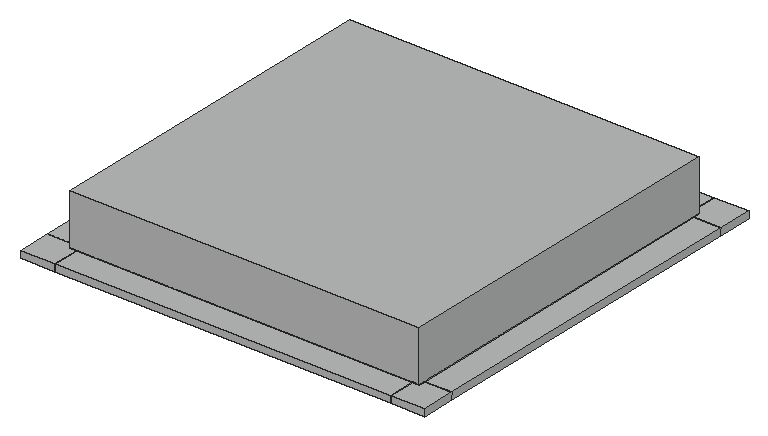
Revit family "ALUMOGIPS", category Осветительные приборы, Revit 2019 (continued)
Types (72, lengths in mm): name | Файл фотометрической сетки | built-in parameter 1150105 | Lumens | built-in parameter 1150106 | built-in parameter 1150142 | Wattage | Emit from Rectangle Width | Emit from Rectangle Length | Длина | Материал светильника | Ширина | ADSK_Ток | ADSK_Полная мощность | ADSK_Обозначение | ADSK_Номинальная мощность | ADSK_Наименование | ADSK_Масса | ADSK_Код изделия
    5 0.395 0.395 0.395 0.395 0.395 0.296 0.296 0.296 0.296 0.296 0.296 0.296 0.296 0.197 \r\n0.197 0.197 0.197 0.197 0.197 0.197 0.197 0.098 0.098 0.098 0.098 0.098 0.098 0.098 0.098 0.000 0.000 0.000 0.000 \r\n1417.637 1418.229 1415.861 1411.421 1404.415 1394.746 1382.512 1367.219 1349.656 1329.626 1307.821 1283.549 1257.403 1229.579 1199.782 1168.209 1135.155 1100.523 \r\n1064.708 1027.609 989.425 950.057 909.998 868.855 827.317 784.989 742.365 699.347 655.538 611.928 568.021 523.622 480.110 436.006 392.100 348.884 306.556 265.017 224.860 185.591 \r\n146.026 110.605 77.157 45.781 17.464 0.592 0.592 0.493 0.493 0.493 0.493 0.493 0.493 0.493 0.493 0.395 0.395 0.395 0.395 0.395 0.395 0.395 0.395 0.296 0.296 0.296 0.296 0.296 0.296 0.296 0.296 0.197 \r\n0.197 0.197 0.197 0.197 0.197 0.197 0.197 0.098 0.098 0.098 0.098 0.098 0.098 0.098 0.098 0.000 0.000 0.000 0.000 \r\n1417.637 1418.130 1415.762 1411.223 1404.218 1394.450 1382.216 1366.824 1349.261 1329.231 1307.427 1283.056 1256.910 1228.987 1199.190 1167.616 1134.563 1099.833 \r\n1064.016 1026.918 988.833 949.367 909.308 868.165 826.625 784.298 741.674 698.656 654.946 611.336 567.430 523.030 479.518 435.414 391.606 348.391 306.063 264.623 224.465 185.196 \r\n145.730 110.309 76.861 45.485 17.266 0.592 0.592 0.493 0.493 0.493 0.493 0.493 0.493 0.493 0.493 0.395 0.395 0.395 0.395 0.395 0.395 0.395 0.395 0.296 0.296 0.296 0.296 0.296 0.296 0.296 0.296 0.197 \r\n0.197 0.197 0.197 0.197 0.197 0.197 0.197 0.098 0.098 0.098 0.098 0.098 0.098 0.098 0.098 0.000 0.000 0.000 0.000 \r\n1417.637 1418.130 1415.565 1411.026 1403.922 1394.154 1381.919 1366.527 1348.866 1328.837 1306.933 1282.563 1256.416 1228.494 1198.597 1167.024 1133.873 1099.241 \r\n1063.425 1026.228 988.143 948.676 908.519 867.474 825.935 783.608 740.983 698.064 654.256 610.646 566.739 522.438 478.926 434.822 391.014 347.897 305.569 264.229 224.072 184.901 \r\n145.434 110.013 76.565 45.288 17.069 0.592 0.592 0.493 0.493 0.493 0.493 0.493 0.493 0.493 0.493 0.395 0.395 0.395 0.395 0.395 0.395 0.395 0.395 0.296 0.296 0.296 0.296 0.296 0.296 0.296 0.296 0.197 \r\n0.197 0.197 0.197 0.197 0.197 0.197 0.197 0.098 0.098 0.098 0.098 0.098 0.098 0.098 0.098 0.000 0.000 0.000 0.000 \r\n1417.637 1418.031 1415.466 1410.928 1403.725 1393.858 1381.524 1366.133 1348.472 1328.443 1306.440 1282.070 1255.824 1227.901 1198.006 1166.433 1133.280 1098.550 \r\n1062.735 1025.537 987.451 947.887 907.829 866.784 825.244 782.916 740.293 697.373 653.565 610.053 566.147 521.747 478.334 434.328 390.521 347.404 305.175 263.735 223.677 184.506 \r\n145.039 109.717 76.368 44.992 16.871 0.592 0.592 0.493 0.493 0.493 0.493 0.493 0.493 0.493 0.493 0.395 0.395 0.395 0.395 0.395 0.395 0.395 0.395 0.296 0.296 0.296 0.296 0.296 0.296 0.296 0.296 0.197 \r\n0.197 0.197 0.197 0.197 0.197 0.197 0.197 0.098 0.098 0.098 0.098 0.098 0.098 0.098 0.098 0.000 0.000 0.000 0.000 \r\n1417.637 1418.031 1415.368 1410.730 1403.527 1393.562 1381.229 1365.738 1348.077 1327.949 1306.045 1281.575 1255.331 1227.310 1197.414 1165.841 1132.689 1097.958 \r\n1062.043 1024.846 986.761 947.196 907.137 866.092 824.554 782.226 739.602 696.683 652.973 609.363 565.456 521.155 477.742 433.737 390.028 346.910 304.681 263.341 223.282 184.111 \r\n144.743 109.421 76.072 44.794 16.576 0.592 0.592 0.493 0.493 0.493 0.493 0.493 0.493 0.493 0.493 0.395 0.395 0.395 0.395 0.395 0.395 0.395 0.395 0.296 0.296 0.296 0.296 0.296 0.296 0.296 0.296 0.197 \r\n0.197 0.197 0.197 0.197 0.197 0.197 0.197 0.098 0.098 0.098 0.098 0.098 0.098 0.098 0.098 0.000 0.000 0.000 0.000 \r\n1417.637 1417.932 1415.268 1410.533 1403.232 1393.365 1380.933 1365.443 1347.682 1327.555 1305.552 1281.082 1254.837 1226.816 1196.821 1165.150 1131.998 1097.267 \r\n1061.452 1024.254 986.070 946.506 906.447 865.401 823.863 781.535 738.912 695.991 652.282 608.672 564.864 520.563 477.150 433.145 389.436 346.417 304.287 262.946 222.887 183.815 \r\n144.448 109.125 75.874 44.597 16.378 0.592 0.592 0.493 0.493 0.493 0.493 0.493 0.493 0.493 0.493 0.395 0.395 0.395 0.395 0.395 0.395 0.395 0.395 0.296 0.296 0.296 0.296 0.296 0.296 0.296 0.296 0.197 \r\n0.197 0.197 0.197 0.197 0.197 0.197 0.197 0.098 0.098 0.098 0.098 0.098 0.098 0.098 0.098 0.000 0.000 0.000 0.000 \r\n1417.637 1417.932 1415.170 1410.434 1403.034 1393.069 1380.636 1365.048 1347.287 1327.160 1305.157 1280.589 1254.344 1226.225 1196.230 1164.558 1131.406 1096.675 \r\n1060.761 1023.564 985.380 945.815 905.756 864.613 823.173 780.845 738.221 695.301 651.592 608.080 564.174 519.971 476.558 432.652 388.943 345.924 303.794 262.453 222.492 183.420 \r\n144.151 108.829 75.579 44.301 16.181 0.592 0.592 0.493 0.493 0.493 0.493 0.493 0.493 0.493 0.493 0.395 0.395 0.395 0.395 0.395 0.395 0.395 0.395 0.296 0.296 0.296 0.296 0.296 0.296 0.296 0.296 0.197 \r\n0.197 0.197 0.197 0.197 0.197 0.197 0.197 0.098 0.098 0.098 0.098 0.098 0.098 0.098 0.098 0.000 0.000 0.000 0.000 \r\n1417.637 1417.834 1415.071 1410.237 1402.837 1392.772 1380.243 1364.653 1346.892 1326.765 1304.664 1280.096 1253.752 1225.730 1195.638 1163.965 1130.814 1095.984 \r\n1060.071 1022.873 984.689 945.124 905.066 863.922 822.482 780.154 737.531 694.610 651.000 607.390 563.581 519.379 475.966 432.059 388.350 345.431 303.300 262.058 222.098 183.026 \r\n143.757 108.533 75.282 44.104 15.983 0.592 0.592 0.493 0.493 0.493 0.493 0.493 0.493 0.493 0.493 0.395 0.395 0.395 0.395 0.395 0.395 0.395 0.395 0.296 0.296 0.296 0.296 0.296 0.296 0.296 0.296 0.197 \r\n0.197 0.197 0.197 0.197 0.197 0.197 0.197 0.098 0.098 0.098 0.098 0.098 0.098 0.098 0.098 0.000 0.000 0.000 0.000 \r\n1417.637 1417.834 1414.973 1410.138 1402.541 1392.477 1379.946 1364.258 1346.499 1326.272 1304.171 1279.603 1253.259 1225.139 1195.045 1163.374 1130.123 1095.393 \r\n1059.478 1022.183 983.999 944.433 904.375 863.231 821.792 779.464 736.840 693.920 650.309 606.699 562.891 518.787 475.374 431.566 387.857 344.937 302.906 261.663 221.703 182.730 \r\n143.461 108.237 75.085 43.906 15.688 0.592 0.592 0.493 0.493 0.493 0.493 0.493 0.493 0.493 0.493 0.395 0.395 0.395 0.395 0.395 0.395 0.395 0.395 0.296 0.296 0.296 0.296 0.296 0.296 0.296 0.296 0.197 \r\n0.197 0.197 0.197 0.197 0.197 0.197 0.197 0.098 0.098 0.098 0.098 0.098 0.098 0.098 0.098 0.000 0.000 0.000 0.000 \r\n1417.637 1417.736 1414.874 1409.940 1402.344 1392.181 1379.650 1363.962 1346.104 1325.877 1303.776 1279.109 1252.766 1224.547 1194.454 1162.782 1129.531 1094.702 \r\n1058.788 1021.492 983.308 943.742 903.684 862.540 821.100 778.773 736.148 693.327 649.618 606.107 562.298 518.096 474.782 430.974 387.364 344.444 302.412 261.170 221.308 182.335 \r\n143.165 108.040 74.789 43.611 15.490 0.592 0.592 0.493 0.493 0.493 0.493 0.493 0.493 0.493 0.493 0.395 0.395 0.395 0.395 0.395 0.395 0.395 0.395 0.296 0.296 0.296 0.296 0.296 0.296 0.296 0.296 0.197 \r\n0.197 0.197 0.197 0.197 0.197 0.197 0.197 0.098 0.098 0.098 0.098 0.098 0.098 0.098 0.098 0.000 0.000 0.000 0.000 \r\n1417.637 1417.736 1414.775 1409.743 1402.146 1391.984 1379.355 1363.568 1345.709 1325.482 1303.283 1278.616 1252.272 1224.054 1193.862 1162.091 1128.940 1094.110 \r\n1058.097 1020.801 982.617 943.052 902.994 861.850 820.410 778.082 735.458 692.637 649.027 605.416 561.608 517.504 474.190 430.383 386.772 343.951 301.918 260.775 220.913 181.941 \r\n142.770 107.743 74.592 43.413 15.293 0.592 0.592 0.493 0.493 0.493 0.493 0.493 0.493 0.493 0.493 0.395 0.395 0.395 0.395 0.395 0.395 0.395 0.395 0.296 0.296 0.296 0.296 0.296 0.296 0.296 0.296 0.197 \r\n0.197 0.197 0.197 0.197 0.197 0.197 0.197 0.098 0.098 0.098 0.098 0.098 0.098 0.098 0.098 0.000 0.000 0.000 0.000 \r\n1417.637 1417.637 1414.677 1409.645 1401.851 1391.688 1378.960 1363.173 1345.314 1325.088 1302.790 1278.123 1251.680 1223.461 1193.269 1161.499 1128.249 1093.518 \r\n1057.406 1020.110 981.926 942.361 902.204 861.159 819.719 777.391 734.867 691.946 648.335 604.726 561.017 516.913 473.598 429.888 386.279 343.458 301.524 260.380 220.519 181.644 \r\n142.474 107.448 74.296 43.216 15.096 0.592 0.592 0.493 0.493 0.493 0.493 0.493 0.493 0.493 0.493 0.395 0.395 0.395 0.395 0.395 0.395 0.395 0.395 0.296 0.296 0.296 0.296 0.296 0.296 0.296 0.296 0.197 \r\n0.197 0.197 0.197 0.197 0.197 0.197 0.197 0.098 0.098 0.098 0.098 0.098 0.098 0.098 0.098 0.000 0.000 0.000 0.000 \r\n1417.637 1417.637 1414.578 1409.447 1401.653 1391.391 1378.663 1362.877 1344.920 1324.693 1302.395 1277.630 1251.187 1222.968 1192.678 1160.908 1127.657 1092.827 \r\n1056.814 1019.419 981.236 941.671 901.514 860.369 819.028 776.701 734.175 691.256 647.645 604.133 560.326 516.320 473.006 429.297 385.785 342.963 301.030 259.887 220.125 181.249 \r\n142.178 107.152 74.099 42.920 14.800 0.592 0.592 0.493 0.493 0.493 0.493 0.493 0.493 0.493 0.493 0.395 0.395 0.395 0.395 0.395 0.395 0.395 0.395 0.296 0.296 0.296 0.296 0.296 0.296 0.296 0.296 0.197 \r\n0.197 0.197 0.197 0.197 0.197 0.197 0.197 0.098 0.098 0.098 0.098 0.098 0.098 0.098 0.098 0.000 0.000 0.000 0.000 \r\n1417.637 1417.538 1414.480 1409.250 1401.456 1391.096 1378.367 1362.482 1344.525 1324.200 1301.902 1277.136 1250.693 1222.376 1192.184 1160.315 1127.064 1092.235 \r\n1056.124 1018.828 980.545 940.980 900.823 859.679 818.338 776.010 733.485 690.565 647.054 603.443 559.734 515.728 472.414 428.705 385.193 342.470 300.537 259.492 219.730 180.856 \r\n141.882 106.855 73.802 42.723 14.602 0.592 0.592 0.493 0.493 0.493 0.493 0.493 0.493 0.493 0.493 0.395 0.395 0.395 0.395 0.395 0.395 0.395 0.395 0.296 0.296 0.296 0.296 0.296 0.296 0.296 0.296 0.197 \r\n0.197 0.197 0.197 0.197 0.197 0.197 0.197 0.098 0.098 0.098 0.098 0.098 0.098 0.098 0.098 0.000 0.000 0.000 0.000 \r\n1417.637 1417.538 1414.380 1409.152 1401.258 1390.898 1378.072 1362.087 1344.130 1323.805 1301.408 1276.643 1250.200 1221.784 1191.593 1159.625 1126.374 1091.545 \r\n1055.433 1018.137 979.855 940.290 900.133 858.988 817.647 775.221 732.794 689.875 646.362 602.851 559.043 515.137 471.822 428.212 384.700 341.977 300.142 259.097 219.335 180.559 \r\n141.487 106.560 73.506 42.525 14.405 0.592 0.592 0.493 0.493 0.493 0.493 0.493 0.493 0.493 0.493 0.395 0.395 0.395 0.395 0.395 0.395 0.395 0.395 0.296 0.296 0.296 0.296 0.296 0.296 0.296 0.296 0.197 \r\n0.197 0.197 0.197 0.197 0.197 0.197 0.197 0.098 0.098 0.098 0.098 0.098 0.098 0.098 0.098 0.000 0.000 0.000 0.000 \r\n1417.637 1417.439 1414.282 1408.954 1400.963 1390.603 1377.677 1361.792 1343.735 1323.410 1301.014 1276.149 1249.608 1221.291 1191.000 1159.032 1125.782 1090.953 \r\n1054.841 1017.446 979.164 939.500 899.442 858.298 816.957 774.530 732.103 689.184 645.672 602.160 558.451 514.446 471.230 427.619 384.108 341.484 299.649 258.604 218.940 180.165 \r\n141.191 106.264 73.309 42.229 14.208 0.592 0.592 0.493 0.493 0.493 0.493 0.493 0.493 0.493 0.493 0.395 0.395 0.395 0.395 0.395 0.395 0.395 0.395 0.296 0.296 0.296 0.296 0.296 0.296 0.296 0.296 0.197 \r\n0.197 0.197 0.197 0.197 0.197 0.197 0.197 0.098 0.098 0.098 0.098 0.098 0.098 0.098 0.098 0.000 0.000 0.000 0.000 \r\n1417.637 1417.439 1414.183 1408.855 1400.765 1390.306 1377.381 1361.397 1343.341 1323.015 1300.520 1275.656 1249.114 1220.699 1190.408 1158.440 1125.190 1090.262 \r\n1054.151 1016.755 978.473 938.809 898.750 857.607 816.266 773.839 731.413 688.592 645.080 601.469 557.859 513.854 470.638 427.126 383.615 340.990 299.254 258.209 218.546 179.770 \r\n140.896 105.967 73.013 42.031 13.912 0.592 0.592 0.493 0.493 0.493 0.493 0.493 0.493 0.493 0.493 0.395 0.395 0.395 0.395 0.395 0.395 0.395 0.395 0.296 0.296 0.296 0.296 0.296 0.296 0.296 0.296 0.197 \r\n0.197 0.197 0.197 0.197 0.197 0.197 0.197 0.098 0.098 0.098 0.098 0.098 0.098 0.098 0.098 0.000 0.000 0.000 0.000 \r\n1417.637 1417.341 1414.085 1408.658 1400.568 1390.010 1377.085 1361.002 1342.947 1322.522 1300.026 1275.261 1248.621 1220.205 1189.817 1157.849 1124.598 1089.670 \r\n1053.460 1016.065 977.881 938.119 898.060 856.917 815.575 773.149 730.722 687.901 644.390 600.877 557.168 513.262 470.046 426.534 383.121 340.497 298.761 257.814 218.151 179.473 \r\n140.501 105.672 72.816 41.835 13.714 0.592 0.592 0.493 0.493 0.493 0.493 0.493 0.493 0.493 0.493 0.395 0.395 0.395 0.395 0.395 0.395 0.395 0.395 0.296 0.296 0.296 0.296 0.296 0.296 0.296 0.296 0.197 \r\n0.197 0.197 0.197 0.197 0.197 0.197 0.197 0.098 0.098 0.098 0.098 0.098 0.098 0.098 0.098 0.000 0.000 0.000 0.000 \r\n1417.637 1417.341 1413.986 1408.461 1400.271 1389.715 1376.789 1360.608 1342.552 1322.128 1299.632 1274.768 1248.128 1219.614 1189.224 1157.256 1123.907 1088.980 \r\n1052.868 1015.374 977.191 937.428 897.369 856.127 814.884 772.458 730.032 687.211 643.698 600.187 556.577 512.670 469.454 425.942 382.529 340.004 298.268 257.321 217.756 179.080 \r\n140.204 105.376 72.520 41.538 13.517 0.592 0.592 0.493 0.493 0.493 0.493 0.493 0.493 0.493 0.493 0.395 0.395 0.395 0.395 0.395 0.395 0.395 0.395 0.296 0.296 0.296 0.296 0.296 0.296 0.296 0.296 0.197 \r\n0.197 0.197 0.197 0.197 0.197 0.197 0.197 0.098 0.098 0.098 0.098 0.098 0.098 0.098 0.098 0.000 0.000 0.000 0.000 \r\n1417.637 1417.242 1413.789 1408.362 1400.075 1389.517 1376.394 1360.311 1342.157 1321.733 1299.138 1274.274 1247.536 1219.022 1188.632 1156.566 1123.315 1088.388 \r\n1052.177 1014.684 976.500 936.738 896.581 855.436 814.194 771.768 729.341 686.519 643.107 599.496 555.885 512.078 468.862 425.449 382.035 339.511 297.873 256.926 217.362 178.685 \r\n139.909 105.079 72.223 41.341 13.221 0.592 0.592 0.493 0.493 0.493 0.493 0.493 0.493 0.493 0.493 0.395 0.395 0.395 0.395 0.395 0.395 0.395 0.395 0.296 0.296 0.296 0.296 0.296 0.296 0.296 0.296 0.197 \r\n0.197 0.197 0.197 0.197 0.197 0.197 0.197 0.098 0.098 0.098 0.098 0.098 0.098 0.098 0.098 0.000 0.000 0.000 0.000 \r\n1417.637 1417.242 1413.690 1408.165 1399.877 1389.220 1376.098 1359.917 1341.762 1321.339 1298.645 1273.781 1247.043 1218.528 1188.041 1155.974 1122.723 1087.697 \r\n1051.487 1013.993 975.810 936.046 895.889 854.746 813.503 771.077 728.650 685.829 642.416 598.904 555.294 511.486 468.270 424.857 381.542 339.018 297.380 256.533 216.967 178.389 \r\n139.613 104.882 72.026 41.143 13.024 0.592 0.592 0.493 0.493 0.493 0.493 0.493 0.493 0.493 0.493 0.395 0.395 0.395 0.395 0.395 0.395 0.395 0.395 0.296 0.296 0.296 0.296 0.296 0.296 0.296 0.296 0.197 \r\n0.197 0.197 0.197 0.197 0.197 0.197 0.197 0.098 0.098 0.098 0.098 0.098 0.098 0.098 0.098 0.000 0.000 0.000 0.000 \r\n1417.637 1417.143 1413.592 1407.967 1399.580 1388.925 1375.803 1359.523 1341.367 1320.845 1298.250 1273.288 1246.550 1217.936 1187.448 1155.382 1122.032 1087.105 \r\n1050.894 1013.401 975.119 935.356 895.199 854.055 812.813 770.386 727.959 685.138 641.725 598.213 554.603 510.795 467.678 424.265 380.951 338.524 296.887 256.038 216.573 177.994 \r\n139.218 104.586 71.730 40.848 12.826 0.592 0.592 0.493 0.493 0.493 0.493 0.493 0.493 0.493 0.493 0.395 0.395 0.395 0.395 0.395 0.395 0.395 0.395 0.296 0.296 0.296 0.296 0.296 0.296 0.296 0.296 0.197 \r\n0.197 0.197 0.197 0.197 0.197 0.197 0.197 0.098 0.098 0.098 0.098 0.098 0.098 0.098 0.098 0.000 0.000 0.000 0.000 \r\n1417.637 1417.143 1413.492 1407.869 1399.383 1388.629 1375.506 1359.226 1340.973 1320.451 1297.757 1272.795 1246.056 1217.443 1186.856 1154.790 1121.441 1086.414 \r\n1050.204 1012.711 974.428 934.665 894.508 853.365 812.122 769.695 727.269 684.448 641.134 597.523 554.011 510.203 467.086 423.772 380.457 338.031 296.492 255.645 216.178 177.599 \r\n138.922 104.291 71.533 40.650 12.629 0.592 0.592 0.592 0.493 0.493 0.493 0.493 0.493 0.493 0.493 0.395 0.395 0.395 0.395 0.395 0.395 0.395 0.395 0.296 0.296 0.296 0.296 0.296 0.296 0.296 0.296 0.197 \r\n0.197 0.197 0.197 0.197 0.197 0.197 0.197 0.098 0.098 0.098 0.098 0.098 0.098 0.098 0.098 0.000 0.000 0.000 0.000 \r\n1417.637 1417.044 1413.394 1407.671 1399.187 1388.333 1375.111 1358.832 1340.578 1320.056 1297.264 1272.301 1245.464 1216.851 1186.264 1154.099 1120.849 1085.822 \r\n1049.513 1012.020 973.737 933.975 893.818 852.575 811.432 769.004 726.578 683.855 640.443 596.930 553.321 509.611 466.494 423.180 379.964 337.537 295.999 255.250 215.783 177.304 \r\n138.626 103.994 71.237 40.453 12.333 0.592 0.592 0.592 0.493 0.493 0.493 0.493 0.493 0.493 0.493 0.395 0.395 0.395 0.395 0.395 0.395 0.395 0.395 0.296 0.296 0.296 0.296 0.296 0.296 0.296 0.296 0.197 \r\n0.197 0.197 0.197 0.197 0.197 0.197 0.197 0.098 
